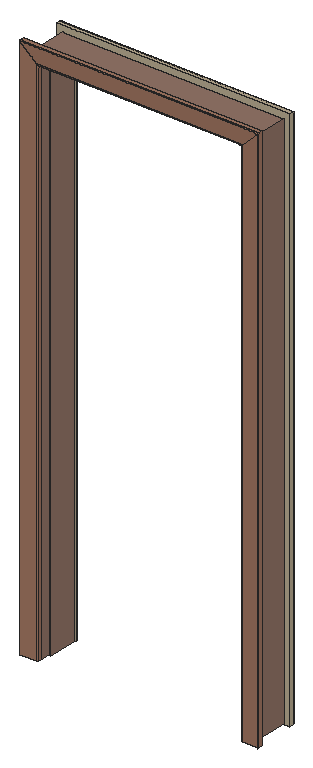
Revit family "Abrir - 1 Folha_Caixilho_Ajustável", category Portas, Revit 2015
Parameters (values of type "80x210")
  Tipo de construção = "residêncial"
  Máscara da folha visível [instance] = no
  Moldura interna da porta [instance] = Teca
  Moldura externa da porta [instance] = Pinho de Óregon
  Moldura da porta = Tábua de fibra orientada
  Maçaneta da porta = Painel de metal
  Marco = Amendoeira
  Largura dos caixilhos = 10 cm
  Largura do caixilho inferior = 15 cm
  Largura bruta = Largura + (Espessura do Marco * 2)  # 87 cm
  Função = Interior
  Projeção da moldura externa = 2 cm
  Projeção da moldura interna = 2 cm
  Largura da moldura = 7 cm
  Folha da porta = Tábua de fibra orientada
  Espessura do Marco = 3.5 cm
  Espessura da folha interno = 1 cm
  Espessura = 3.5 cm
  Distância da maçaneta = 5 cm
  Autor = "Marco Rocha"
  Altura bruta = Altura + Espessura do Marco  # 213.5 cm
  Altura = 210 cm
  Fechamento da parede = Por hospedeiro
  Largura = 80 cm
Types (6, lengths in cm): name | Largura bruta | Espessura | Largura
  (no name) | 87 | 3.5 | 80
  60x210 | 67 | 3.5 | 60
  70x210 | 77 | 3.5 | 70
  80x210 | 87 | 3.5 | 80
  90x210 | 97 | 3.5 | 90
  100x210 | 107 | 4 | 100
Reference planes (cm)
  plane 1: y = 0
  plane 2 "Centro (Esquerda/Direita)": x = 0
  plane 3 "Esquerda": x = -40
  plane 4 "Direita": x = 40
  plane 5: z = 210
  plane 6 "Exterior": y = 7.5
  plane 7 "Interior": y = -7.5
  plane 8: x = -43.5
  plane 9: x = 43.5
  plane 10: z = 213.5
  plane 11: y = -4
  plane 12: x = 39
  plane 13: x = 36.5
  plane 14: y = -87.5
  plane 15: y = -82.5
  plane 16: y = -80
  plane 17: y = -82.5
Forms (cm)
  Extrusion 1, solid, material "Tábua de fibra orientada" <- "Moldura da porta", detail levels medium
    sketch origin (0, 7.5, 0) x (1, 0, 0) y (0, 0, 1)
      loop
        line (40, 210) -> (40, 0) -> (47, 0) -> (47, 217) -> (-47, 217) -> (-47, 0) -> (-40, 0) -> (-40, 210) -> (40, 210)
    from -2 to 0
  Extrusion 2, solid, material "Tábua de fibra orientada" <- "Moldura da porta", detail levels medium
    sketch origin (0, -7.5, 0) x (1, 0, 0) y (0, 0, -1)
      loop
        line (40, -210) -> (-40, -210) -> (-40, 0) -> (-47, 0) -> (-47, -217) -> (47, -217) -> (47, 0) -> (40, 0) -> (40, -210)
    from -2 to 0
  Sweep 3, solid, material "Amendoeira" <- "Marco", detail levels coarse+medium
    path in 3D
      loop
        line (43.5, 7.5, 0) -> (43.5, 7.5, 213.5) -> (-43.5, 7.5, 213.5) -> (-43.5, 7.5, 0)
    profile origin (43.5, 7.5, 106.75) x (0, 1, 0) y (-1, 0, 0)
      loop
        line (-15, 3.5) -> (-15, 0) -> (0, 0) -> (0, 3.5) -> (-15, 3.5)
  Sweep 4, solid, material "Amendoeira" <- "Marco", detail levels fine
    path in 3D
      loop
        line (43.5, 7.5, 0) -> (43.5, 7.5, 213.5) -> (-43.5, 7.5, 213.5) -> (-43.5, 7.5, 0)
    profile origin (43.5, 7.5, 106.75) x (0, 1, 0) y (-1, 0, 0)
      loop
        line (0, 0) -> (0, 4.5) -> (-11.5, 4.5) -> (-11.5, 3.5) -> (-15, 3.5) -> (-15, 0) -> (0, 0)
  Sweep 5, solid, material "Teca" <- "Moldura interna da porta", detail levels fine
    path in 3D
      loop
        line (40, -7.5, 0) -> (40, -7.5, 210) -> (-40, -7.5, 210) -> (-40, -7.5, 0)
    profile "Perfil Alisar : 7 x 2 cm" origin (-40, -7.5, 105) x (0, 1, 0) y (1, 0, 0)
      loop
        line (0, 0) -> (-1, 0)
        arc (-1, 0) -> (-1.3536, -0.1464) -> (-1.5, -0.5) r 0.5
        line (-1.5, -0.5) -> (-1.9793, -6.7308)
        arc (-1.9793, -6.7308) -> (-1.9135, -6.9199) -> (-1.73, -7) r 0.25
        line (-1.73, -7) -> (0, -7) -> (0, 0)
  Sweep 6, solid, material "Pinho de Óregon" <- "Moldura externa da porta", detail levels fine
    path in 3D
      loop
        line (39, 7.5, 0) -> (39, 7.5, 209) -> (-39, 7.5, 209) -> (-39, 7.5, 0)
    profile "Perfil Alisar : 7 x 2 cm" origin (39, 7.5, 104.5) x (0, 1, 0) y (-1, 0, 0)
      loop
        line (0, 0) -> (0, -7) -> (1.73, -7)
        arc (1.73, -7) -> (1.9135, -6.9199) -> (1.9793, -6.7308) r 0.25
        line (1.9793, -6.7308) -> (1.5, -0.5)
        arc (1.5, -0.5) -> (1.3536, -0.1464) -> (1, 0) r 0.5
        line (1, 0) -> (0, 0)
Lines and regions (cm)
  Opening 1
    outline origin (-305, -7.5, 0) x (1, 0, 0) y (0, 0, 1)
      loop
        line (348.5, 213.5) -> (261.5, 213.5) -> (261.5, 0) -> (348.5, 0) -> (348.5, 213.5)
  Masking region 1, visible <- "Máscara da folha visível"
    outline origin (0, 0, 0) x (1, 0, 0) y (0, 1, 0)
      loop
        line (36.5, -7.5) -> (36.5, -87.5) -> (40, -87.5) -> (40, -7.5) -> (36.5, -7.5)
  Masking region 2, visible <- "Máscara da folha visível", detail levels fine
    outline origin (-5, -2.5, 0) x (0, -1, 0) y (1, 0, 0)
      loop
        line (82.5, 45) -> (82.5, 46) -> (81.5, 46) -> (81.5, 47) -> (80.8, 47) -> (80.8, 51) -> (67, 51) -> (67, 49) -> (79.2, 49) -> (79.2, 47) -> (78.5, 47) -> (78.5, 46) -> (77.5, 46) -> (77.5, 45) -> (82.5, 45)
  Masking region 3, visible <- "Máscara da folha visível", not visible, detail levels fine
    outline origin (0, 0, 0) x (0, -1, 0) y (1, 0, 0)
      loop
        line (82.5, 45) -> (82.5, 46) -> (81.5, 46) -> (81.5, 47) -> (80.8, 47) -> (80.8, 51) -> (67, 51) -> (67, 49) -> (79.2, 49) -> (79.2, 47) -> (78.5, 47) -> (78.5, 46) -> (77.5, 46) -> (77.5, 45) -> (82.5, 45)
  Masking region 4, visible <- "Máscara da folha visível", detail levels fine
    outline origin (81.5, -2.5, 0) x (0, 1, 0) y (-1, 0, 0)
      loop
        line (-82.5, 45) -> (-77.5, 45) -> (-77.5, 46) -> (-78.5, 46) -> (-78.5, 47) -> (-79.2, 47) -> (-79.2, 49) -> (-67, 49) -> (-67, 51) -> (-80.8, 51) -> (-80.8, 47) -> (-81.5, 47) -> (-81.5, 46) -> (-82.5, 46) -> (-82.5, 45)
  Masking region 5, detail levels coarse
    outline origin (0, 0, 0) x (1, 0, 0) y (0, 1, 0)
      loop
        line (-43.5, 7.5) -> (-43.5, -7.5) -> (-40, -7.5) -> (-40, 7.5) -> (-43.5, 7.5)
      loop
        line (40, 7.5) -> (40, -7.5) -> (43.5, -7.5) -> (43.5, 7.5) -> (40, 7.5)
  Masking region 6, detail levels coarse
    outline origin (0, 0, 0) x (0, 1, 0) y (0, 0, 1)
      loop
        line (7.5, 213.5) -> (-7.5, 213.5) -> (-7.5, 210) -> (7.5, 210) -> (7.5, 213.5)
  Masking region 7, detail levels coarse
    outline origin (0, 0, 0) x (0, 1, 0) y (0, 0, 1)
      loop
        line (-4, 210) -> (-7.5, 210) -> (-7.5, 0) -> (-4, 0) -> (-4, 210)
  Masking region 8, detail levels medium
    outline origin (0, 0, 0) x (0, 1, 0) y (0, 0, 1)
      loop
        line (-4, 210) -> (-7.5, 210) -> (-7.5, 200) -> (-4, 200) -> (-4, 210)
      loop
        line (-4, 125) -> (-7.5, 125) -> (-7.5, 115) -> (-4, 115) -> (-4, 125)
      loop
        line (-4, 95) -> (-7.5, 95) -> (-7.5, 85) -> (-4, 85) -> (-4, 95)
      loop
        line (-4, 15) -> (-7.5, 15) -> (-7.5, 0) -> (-4, 0) -> (-4, 15)
  Masking region 9, detail levels medium
    outline origin (0, 0, 0) x (0, 1, 0) y (0, 0, 1)
      loop
        line (-5.25, 200) -> (-6.25, 200) -> (-6.25, 125) -> (-5.25, 125) -> (-5.25, 200)
      loop
        line (-5.25, 115) -> (-6.25, 115) -> (-6.25, 95) -> (-5.25, 95) -> (-5.25, 115)
      loop
        line (-5.25, 85) -> (-6.25, 85) -> (-6.25, 15) -> (-5.25, 15) -> (-5.25, 85)
  symbolic lines, style "Giro da elevação"
    curve 1: line (40, -7.5, 105) -> (-40, -7.5, 210)
    curve 2: line (40, -7.5, 105) -> (-40, -7.5, 0)
  symbolic lines, style "Doors"
    curve 3: line (36.5, -7.5, 0) -> (36.5, -87.5, 0)
    curve 4: line (40, -87.5, 0) -> (40, -7.5, 0)
    curve 5: line (36.5, -87.5, 0) -> (40, -87.5, 0)
    curve 6: line (40, -7.5, 0) -> (36.5, -7.5, 0)
  symbolic lines, style "Puxador", detail levels fine
    curve 7: line (40, -85, 0) -> (40, -80, 0)
    curve 8: line (40, -80, 0) -> (41, -80, 0)
    curve 9: line (41, -80, 0) -> (41, -85, 0)
    curve 10: line (41, -85, 0) -> (40, -85, 0)
    curve 11: line (41, -81, 0) -> (42, -81, 0)
    curve 12: line (42, -81, 0) -> (42, -84, 0)
    curve 13: line (42, -84, 0) -> (41, -84, 0)
    curve 14: line (42, -83.3, 0) -> (46, -83.3, 0)
    curve 15: line (46, -83.3, 0) -> (46, -69.5, 0)
    curve 16: line (46, -69.5, 0) -> (44, -69.5, 0)
    curve 17: line (44, -69.5, 0) -> (44, -81.7, 0)
    curve 18: line (44, -81.7, 0) -> (42, -81.7, 0)
    curve 31: line (36.5, -85, 0) -> (36.5, -80, 0)
    curve 32: line (36.5, -80, 0) -> (35.5, -80, 0)
    curve 33: line (35.5, -80, 0) -> (35.5, -85, 0)
    curve 34: line (35.5, -85, 0) -> (36.5, -85, 0)
    curve 35: line (35.5, -81, 0) -> (34.5, -81, 0)
    curve 36: line (34.5, -81, 0) -> (34.5, -84, 0)
    curve 37: line (34.5, -84, 0) -> (35.5, -84, 0)
    curve 38: line (34.5, -83.3, 0) -> (30.5, -83.3, 0)
    curve 39: line (30.5, -83.3, 0) -> (30.5, -69.5, 0)
    curve 40: line (30.5, -69.5, 0) -> (32.5, -69.5, 0)
    curve 41: line (32.5, -69.5, 0) -> (32.5, -81.7, 0)
    curve 42: line (32.5, -81.7, 0) -> (34.5, -81.7, 0)
  symbolic lines, style "Puxador", not visible, detail levels fine
    curve 19: line (45, -82.5, 0) -> (45, -77.5, 0)
    curve 20: line (45, -77.5, 0) -> (46, -77.5, 0)
    curve 21: line (46, -77.5, 0) -> (46, -82.5, 0)
    curve 22: line (46, -82.5, 0) -> (45, -82.5, 0)
    curve 23: line (46, -78.5, 0) -> (47, -78.5, 0)
    curve 24: line (47, -78.5, 0) -> (47, -81.5, 0)
    curve 25: line (47, -81.5, 0) -> (46, -81.5, 0)
    curve 26: line (47, -80.8, 0) -> (51, -80.8, 0)
    curve 27: line (51, -80.8, 0) -> (51, -67, 0)
    curve 28: line (51, -67, 0) -> (49, -67, 0)
    curve 29: line (49, -67, 0) -> (49, -79.2, 0)
    curve 30: line (49, -79.2, 0) -> (47, -79.2, 0)
  sketch lines
    curve 43: line (43.5, 7.5, 0) -> (43.5, 7.5, 213.5)
    curve 44: line (43.5, 7.5, 213.5) -> (-43.5, 7.5, 213.5)
    curve 45: line (-43.5, 7.5, 213.5) -> (-43.5, 7.5, 0)
    curve 47: line (43.5, 7.5, 0) -> (43.5, 7.5, 213.5)
    curve 48: line (43.5, 7.5, 213.5) -> (-43.5, 7.5, 213.5)
    curve 49: line (-43.5, 7.5, 213.5) -> (-43.5, 7.5, 0)
    curve 50: line (-40, -7.5, 210) -> (-40, -7.5, 0)
    curve 51: line (40, -7.5, 210) -> (-40, -7.5, 210)
    curve 52: line (40, -7.5, 0) -> (40, -7.5, 210)
    curve 53: line (39, 7.5, 0) -> (39, 7.5, 209)
    curve 54: line (39, 7.5, 209) -> (-39, 7.5, 209)
    curve 55: line (-39, 7.5, 209) -> (-39, 7.5, 0)
  symbolic lines, style "Giro da planta"
    curve 46: arc (40, -87.5, 0) -> (-16.5685, -64.0685, 0) -> (-40, -7.5, 0) r 80
  symbolic lines, style "DoorsPanelProjection", detail levels medium
    curve 56: line (0, -4, 200) -> (0, -4, 15)
    curve 57: line (0, -7.5, 200) -> (0, -7.5, 15)
Text (cm)
  text "Exterior" at (-229.5016, 109.9543, 0), in view "Nível de referência"
  text "Exterior" at (0, 161.538, 369.8081), in view "Esquerda"
  text "Exterior" at (0, 103.6032, 387.4932), in view "Direita"
Dimensions and locks (cm)
  equal spacing: plane 3 "Esquerda", plane 2 "Centro (Esquerda/Direita)", plane 4 "Direita"
  "Largura": plane 3 "Esquerda" to plane 4 "Direita"
  "Altura": plane 5 to host wall
  equal spacing: host wall, curve 2, plane 5
  host wall to plane 10 = 213.5 cm
  locked: plane 6 "Exterior" to host wall at 0
  locked: plane 7 "Interior" to host wall
  "Espessura do Marco": plane 8 to plane 3 "Esquerda"
  "Espessura do Marco": plane 4 "Direita" to plane 9
  "Espessura do Marco": plane 10 to plane 5
  "Espessura": plane 7 "Interior" to plane 11
  locked: plane 12 to plane 4 "Direita" at 1
  "Espessura": plane 13 to plane 4 "Direita"
  "Largura": plane 14 to plane 7 "Interior"
  "Largura da moldura": Extrusion 1 sketch curve to Extrusion 1 sketch curve  (x3)
  "Projeção da moldura externa": plane 6 "Exterior" to Extrusion 1
  "Largura da moldura": Extrusion 2 sketch curve to Extrusion 2 sketch curve  (x3)
  "Projeção da moldura interna": Extrusion 2 to plane 7 "Interior"
  "Distância da maçaneta": plane 15 to plane 14
  "Distância da maçaneta": plane 17 to plane 14
  aligned and locked: plane 5 to curve 1
  aligned and locked: plane 3 "Esquerda" to curve 2
  aligned and locked: plane 1 to host wall
  aligned and locked: plane 3 "Esquerda" to curve 1
  aligned and locked: curve 3 to plane 13
  aligned and locked: curve 4 to plane 4 "Direita"
  aligned and locked: curve 5 to plane 14
  aligned and locked: curve 6 to plane 7 "Interior"
  aligned and locked: Masking region 1 sketch curve to curve 6
  aligned and locked: Masking region 1 sketch curve to curve 3
  aligned and locked: Masking region 1 sketch curve to curve 5
  aligned and locked: Masking region 1 sketch curve to curve 4
  aligned and locked: plane 4 "Direita" to Extrusion 1 sketch curve
  aligned and locked: plane 5 to Extrusion 1 sketch curve
  aligned and locked: plane 3 "Esquerda" to Extrusion 1 sketch curve
  aligned and locked: Extrusion 1 sketch curve to level
  aligned and locked: level to Extrusion 1 sketch curve
  aligned and locked: Extrusion 1 to host wall
  aligned and locked: Extrusion 2 to plane 7 "Interior"
  aligned and locked: curve 7 to plane 4 "Direita"
  aligned and locked: plane 13 to curve 31
  aligned and locked: plane 10 to Opening 1 sketch curve
  aligned and locked: Opening 1 sketch curve to plane 9
  aligned and locked: Extrusion 1 to Opening 1 sketch curve
  aligned and locked: plane 8 to Opening 1 sketch curve
  aligned and locked: Sweep 3 sketch curve to plane 4 "Direita"
  aligned and locked: Sweep 3 sketch curve to plane 9
  aligned and locked: Sweep 3 sketch curve to plane 6 "Exterior"
  aligned and locked: Sweep 3 sketch curve to plane 7 "Interior"
  aligned and locked: plane 3 "Esquerda" to curve 46
  aligned and locked: Sweep 4 sketch curve to plane 9
  aligned and locked: Sweep 4 sketch curve to plane 6 "Exterior"
  aligned and locked: Sweep 4 sketch curve to plane 12
  aligned and locked: Sweep 4 sketch curve to plane 11
  aligned and locked: plane 4 "Direita" to Sweep 4 sketch curve
  aligned and locked: plane 7 "Interior" to Sweep 4 sketch curve
  aligned and locked: plane 3 "Esquerda" to Masking region 5 sketch curve
  aligned and locked: Masking region 5 sketch curve to plane 8
  aligned and locked: plane 6 "Exterior" to Masking region 5 sketch curve  (x2)
  aligned and locked: Masking region 5 sketch curve to plane 7 "Interior"  (x2)
  aligned and locked: plane 9 to Masking region 5 sketch curve
  aligned and locked: Masking region 5 sketch curve to plane 4 "Direita"
  aligned and locked: Masking region 6 sketch curve to plane 10
  aligned and locked: Masking region 6 sketch curve to plane 7 "Interior"
  aligned and locked: plane 6 "Exterior" to Masking region 6 sketch curve
  aligned and locked: Masking region 6 sketch curve to plane 5
  aligned and locked: plane 5 to Masking region 7 sketch curve
  aligned and locked: Masking region 7 sketch curve to plane 11
  aligned and locked: level to Masking region 7 sketch curve
  aligned and locked: Masking region 7 sketch curve to plane 7 "Interior"
  aligned and locked: plane 11 to Masking region 8 sketch curve
  aligned and locked: plane 7 "Interior" to Masking region 8 sketch curve
  aligned and locked: plane 11 to curve 56
Automatic sketch dimensions
  Masking region 2 sketch curve to Masking region 2 sketch curve = 1 cm  (x6)
  Masking region 2 sketch curve to Masking region 2 sketch curve = 2 cm
  Masking region 2 sketch curve to Masking region 2 sketch curve = 0.7 cm  (x2)
  Masking region 2 sketch curve to Masking region 2 sketch curve = 1.6 cm
  Masking region 2 sketch curve to Masking region 2 sketch curve = 10.5 cm
  plane 15 to Masking region 2 sketch curve = 2.5 cm
  Masking region 2 sketch curve to Masking region 2 sketch curve = 3 cm
  Masking region 3 sketch curve to Masking region 3 sketch curve = 1 cm  (x6)
  Masking region 3 sketch curve to Masking region 3 sketch curve = 2 cm
  Masking region 3 sketch curve to Masking region 3 sketch curve = 0.7 cm  (x2)
  Masking region 3 sketch curve to Masking region 3 sketch curve = 1.6 cm
  Masking region 3 sketch curve to Masking region 3 sketch curve = 10.5 cm
  plane 16 to Masking region 3 sketch curve = 2.5 cm
  Masking region 3 sketch curve to Masking region 3 sketch curve = 3 cm
  Masking region 4 sketch curve to Masking region 4 sketch curve = 1 cm  (x6)
  Masking region 4 sketch curve to Masking region 4 sketch curve = 2 cm
  Masking region 4 sketch curve to Masking region 4 sketch curve = 0.7 cm  (x2)
  Masking region 4 sketch curve to Masking region 4 sketch curve = 1.6 cm
  Masking region 4 sketch curve to Masking region 4 sketch curve = 10.5 cm
  Masking region 4 sketch curve to plane 17 = 2.5 cm
  Masking region 4 sketch curve to Masking region 4 sketch curve = 3 cm
  curve 2 to level = 0 cm
  plane 4 "Direita" to curve 2 = 0 cm
  Extrusion 2 sketch curve to level = 0 cm  (x2)
  plane 3 "Esquerda" to Extrusion 2 sketch curve = 0 cm
  plane 4 "Direita" to Extrusion 2 sketch curve = 0 cm
  Extrusion 2 sketch curve to plane 5 = 0 cm
  level to Masking region 9 sketch curve = 15 cm
  curve 57 to host wall = 0 cm
  level to curve 56 = 15 cm
  curve 57 to curve 56 = 0 cm  (x2)
  plane 5 to curve 57 = 10 cm
  Masking region 8 sketch curve to host wall = 0 cm  (x3)
  Masking region 8 sketch curve to plane 11 = 0 cm  (x3)
  Masking region 8 sketch curve to level = 0 cm
  plane 5 to Masking region 8 sketch curve = 0 cm
  level to Masking region 8 sketch curve = 15 cm
  Masking region 8 sketch curve to Masking region 8 sketch curve = 70 cm
  Masking region 8 sketch curve to Masking region 8 sketch curve = 10 cm  (x2)
  Masking region 8 sketch curve to Masking region 8 sketch curve = 20 cm
  plane 5 to Masking region 8 sketch curve = 10 cm
  Masking region 9 sketch curve to host wall = 1.25 cm  (x3)
  Masking region 9 sketch curve to Masking region 9 sketch curve = 1 cm  (x3)
  Masking region 9 sketch curve to Masking region 9 sketch curve = 70 cm
  Masking region 9 sketch curve to Masking region 9 sketch curve = 10 cm  (x2)
  Masking region 9 sketch curve to Masking region 9 sketch curve = 20 cm
  plane 5 to Masking region 9 sketch curve = 10 cm
